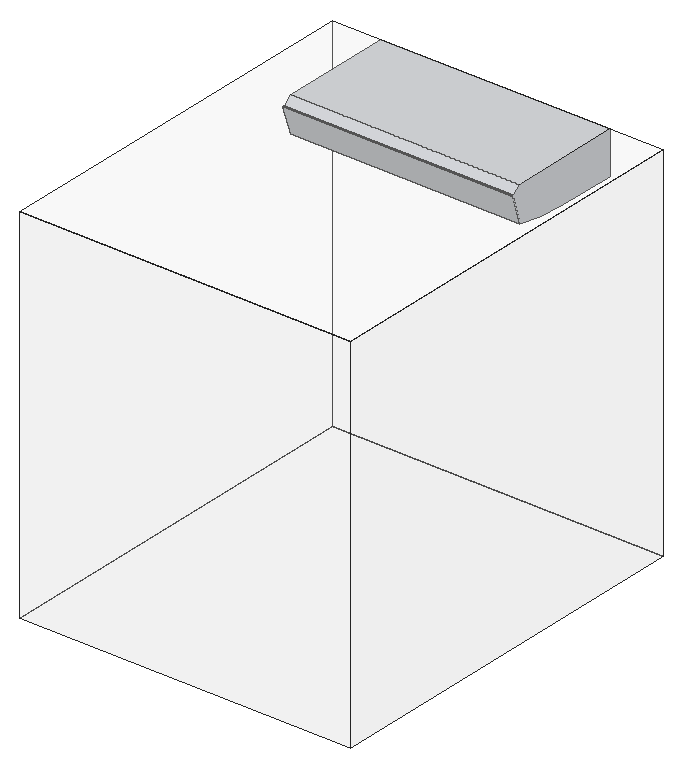
Revit family "pc-rp40_160kal22_60hz", category 機械設備, Revit 2023
Family settings
  丸型コネクタ寸法 = 直径を使用
  パーツ タイプ = 標準
  OmniClass 番号 = 23.75.10.24.21.27.27
  OmniClass タイトル = Split System Air Conditioning Units
  作業面ベース = いいえ
  常に垂直 = はい
  ロード時にボイドで切り取り = いいえ
  注釈の向きを維持 = いいえ
  共有 = いいえ
  部屋計算ポイント = はい
Parameters (values of type "PC-RP71KAL22")
  風量_静 (㎥/min) = 13
  風量_弱 (㎥/min) = 16
  風量_中 (㎥/min) = 18
  風量_強 (㎥/min) = 20
  風量 = MAX風量  # 1200.0 m³/h
  音響パワーレベル_静 (dB) = 50
  音響パワーレベル_弱 (dB) = 53
  音響パワーレベル_中 (dB) = 55
  音響パワーレベル(dB) = [音響パワーレベル_強 (dB)]  # 57
  音響パワーレベル_強 (dB) = 57
  電源種別 = ""
  電源_H = 0 mm
  電圧 = 0 V
  電動機出力_送風機 = 0.095 kW
  運転質量 = 0.00 kg
  連動 = ""
  質量 = if(製品質量 > 運転質量, 製品質量, 運転質量) * 1.2  # 38.40 kg
  負荷分類 = 3_ファン類
  説明 = "店舗・事務所用パッケージエアコン(Mr.SLIM) [本体] 天吊形室内機"
  設計暖房能力 = 0.00 kW
  設計冷房能力_顕熱 = 0 kW
  設計冷房能力 = 0 kW
  設置方法 = "天井吊（露出）形"
  記号 = ""
  製造元 = "三菱電機株式会社"
  製品質量 = 32.00 kg
  製品出荷対象 = "国内"
  製品リリース年月 = "2026/5/11"
  製品グループ = ""
  背面_液管接続口 = 180 mm
  背面_ドレン管接続口 = 233 mm
  背面_ガス管接続口 = 200 mm
  系統 = ""
  符号 = "ACP-CR"
  積算_科目 = "1 空気調和設備"
  積算_拾い区分 [instance] = ""
  盤記号 = ""
  発停方法 = "別売リモコン"
  特殊仕様 = ""
  点検口離隔 [instance] = if(点検口離隔入力値 > 200 mm, 200 mm, if(点検口離隔入力値 < 150 mm, 150 mm, 点検口離隔入力値))  # 150 mm
  点検口離隔入力値 [instance] = 0 mm
  点検口設置範囲 = 0 mm
  点検口 = yes
  火災停止 = ""
  消費電力_暖房 = 0.09 kW
  消費電力_冷房 = 0.10 kW
  消費電力 = if(消費電力_冷房 > 消費電力_暖房, 消費電力_冷房, 消費電力_暖房)  # 0.10 kW
  法定耐用年数 = "6"
  極数 = 3
  材質 = ""
  本体マテリアル = none
  有効加湿量 = 0
  暖房能力 = 7.10 kW
  既定の高さ = 0 mm
  形式_加湿器 = ""
  形式 = "天井吊（露出）形"
  幹線記号 = ""
  始動方式 = "インバータ"
  呼称 = "パッケージ形空気調和機_室内機"
  周波数 = 60 Hz
  吊り位置Y = 320 mm
  吊り位置X = 1237 mm
  吊りボルト_H = 50 mm
  台数_手元リモコン = ""
  台数_冷媒分岐ユニット = ""
  参照している仕様書等のバージョン = "公共建築物標準仕様書（機械設備工事編）平成31年度版"
  加湿給水管径 = 0 mm
  分類コード = "50053003123090"
  分類グループ = "設備"
  冷房能力 = 6.3 kW
  冷媒高低圧ガス管径 = 0 mm
  冷媒管径符号 = "Bd"
  冷媒管径 = 100 mm
  冷媒液管高さ = 126 mm
  冷媒液管径 = 9.52 mm
  冷媒ガス管高さ = 126 mm
  冷媒ガス管径 = 15.88 mm
  価格 = 0
  企業コード = "108420"
  付属品_フィルター = ""
  付属品 = ""
  モデル = "PC-RP71KAL22"
  パネルマテリアル = none
  ドレン管高さ = 190 mm
  ドレン管径 (外径) = 26 mm
  ドレン管径 = 20 mm
  サービススペース = yes
  コメント [instance] = ""
  【値が 0 の項目は組合せ形名にてご確認ください】 = ""
  Width = 1280 mm
  Version = ""
  Uniclass2015Version = "Systems v1.9"
  Uniclass2015Title = "Split coil remote air cooled condensing units"
  Uniclass2015Code = "Pr_70_65_03_84"
  URL = "https://www.mitsubishielectric.co.jp/ldg/wink/qr/002/364749"
  SpecificationReference = ""
  SpecificationDescription = ""
  Revision = ""
  ProductInformation = ""
  OmniClassCode = "23-33 17 13 11"
  MIN風量 = [風量_静 (㎥/min)] * 60.0 m³/h  # 780.0 m³/h
  MID風量2 = [風量_弱 (㎥/min)] * 60.0 m³/h  # 960.0 m³/h
  MID風量 = [風量_中 (㎥/min)] * 60.0 m³/h  # 1080.0 m³/h
  MAX風量 = [風量_強 (㎥/min)] * 60.0 m³/h  # 1200.0 m³/h
  IfcTypeProduct = ""
  IfcProduct = ""
  IfcExportType = "AIRCONDITIONINGUNIT"
  IfcExportAs = "IfcUnitaryEquipmentType"
  Height_本体 = 230 mm
  Height = Height_本体 + 6 mm  # 236 mm
  Depth = 680 mm
  Clearance Top = 1 mm
  Clearance Right = 300 mm
  Clearance Left = 270 mm
  Clearance Front = 1500 mm
  Clearance Bottom = 1800 mm
  Clearance Back = 0 mm
  BLCJ仕様バージョン = "2.0"
  Author = "三菱電機株式会社"
Types (20, lengths in mm): name | 風量_静 (㎥/min) | 風量_弱 (㎥/min) | 風量_中 (㎥/min) | 風量_強 (㎥/min) | 風量 | 音響パワーレベル_静 (dB) | 音響パワーレベル_弱 (dB) | 音響パワーレベル_中 (dB) | 音響パワーレベル(dB) | 音響パワーレベル_強 (dB) | 電動機出力_送風機 | 質量 | 製品質量 | 背面_液管接続口 | 背面_ガス管接続口 | 消費電力_暖房 | 消費電力_冷房 | 消費電力 | 暖房能力 | 吊り位置X | 冷房能力 | 冷媒管径符号 | 冷媒液管径 | 冷媒ガス管径 | モデル | Width | URL | MIN風量 | MID風量2 | MID風量 | MAX風量
  PC-RP56KAL22 | 10 | 11 | 12 | 13 | 780.0 m³/h | 48 | 50 | 53 | 55 | 55 | 0.09 kW | 30.00 kg | 25.00 kg | 184 | 203 | 0.05 kW | 0.06 kW | 0.06 kW | 5.60 kW | 917 | 5 kW | "Ac" | 6.35 | 12.7 | "PC-RP56KAL22" | 960 | "https://www.mitsubishielectric.co.jp/ldg/wink/qr/002/364747" | 600.0 m³/h | 660.0 m³/h | 720.0 m³/h | 780.0 m³/h
  PC-RP71KAL22 | 13 | 16 | 18 | 20 | 1200.0 m³/h | 50 | 53 | 55 | 57 | 57 | 0.095 kW | 38.40 kg | 32.00 kg | 180 | 200 | 0.09 kW | 0.10 kW | 0.10 kW | 7.10 kW | 1237 | 6.3 kW | "Bd" | 9.52 | 15.88 | "PC-RP71KAL22" | 1280 | "https://www.mitsubishielectric.co.jp/ldg/wink/qr/002/364749" | 780.0 m³/h | 960.0 m³/h | 1080.0 m³/h | 1200.0 m³/h
  PC-RP80KAL22 | 13 | 16 | 18 | 20 | 1200.0 m³/h | 50 | 53 | 55 | 57 | 57 | 0.095 kW | 38.40 kg | 32.00 kg | 180 | 200 | 0.09 kW | 0.10 kW | 0.10 kW | 8.00 kW | 1237 | 7.1 kW | "Bd" | 9.52 | 15.88 | "PC-RP80KAL22" | 1280 | "https://www.mitsubishielectric.co.jp/ldg/wink/qr/002/364703" | 780.0 m³/h | 960.0 m³/h | 1080.0 m³/h | 1200.0 m³/h
  PC-RP112KAL22 | 20 | 22 | 26 | 29 | 1740.0 m³/h | 54 | 56 | 59 | 62 | 62 | 0.16 kW | 45.60 kg | 38.00 kg | 180 | 200 | 0.11 kW | 0.12 kW | 0.12 kW | 11.20 kW | 1557 | 10 kW | "Bd" | 9.52 | 15.88 | "PC-RP112KAL22" | 1600 | "https://www.mitsubishielectric.co.jp/ldg/wink/qr/002/364750" | 1200.0 m³/h | 1320.0 m³/h | 1560.0 m³/h | 1740.0 m³/h
  PC-RP140KAL22 | 21 | 24 | 27 | 31 | 1860.0 m³/h | 56 | 58 | 61 | 63 | 63 | 0.16 kW | 45.60 kg | 38.00 kg | 180 | 200 | 0.13 kW | 0.14 kW | 0.14 kW | 14.00 kW | 1557 | 12.5 kW | "Bd" | 9.52 | 15.88 | "PC-RP140KAL22" | 1600 | "https://www.mitsubishielectric.co.jp/ldg/wink/qr/002/364751" | 1260.0 m³/h | 1440.0 m³/h | 1620.0 m³/h | 1860.0 m³/h
  PC-RP160KAL22 | 22 | 25 | 28 | 33 | 1980.0 m³/h | 58 | 60 | 62 | 65 | 65 | 0.16 kW | 45.60 kg | 38.00 kg | 180 | 200 | 0.16 kW | 0.17 kW | 0.17 kW | 16.00 kW | 1557 | 14 kW | "Bd" | 9.52 | 15.88 | "PC-RP160KAL22" | 1600 | "https://www.mitsubishielectric.co.jp/ldg/wink/qr/002/364752" | 1320.0 m³/h | 1500.0 m³/h | 1680.0 m³/h | 1980.0 m³/h
  PC-RP63KAL22 | 12 | 14 | 15 | 17 | 1020.0 m³/h | 49 | 51 | 53 | 55 | 55 | 0.095 kW | 38.40 kg | 32.00 kg | 184 | 203 | 0.06 kW | 0.07 kW | 0.07 kW | 6.30 kW | 1237 | 5.6 kW | "Ac" | 6.35 | 12.7 | "PC-RP63KAL22" | 1280 | "https://www.mitsubishielectric.co.jp/ldg/wink/qr/002/364748" | 720.0 m³/h | 840.0 m³/h | 900.0 m³/h | 1020.0 m³/h
  PC-RP40KAL22 | 9 | 10 | 11 | 13 | 780.0 m³/h | 48 | 50 | 53 | 55 | 55 | 0.09 kW | 28.80 kg | 24.00 kg | 184 | 203 | 0.04 kW | 0.05 kW | 0.05 kW | 4.00 kW | 917 | 3.6 kW | "Ac" | 6.35 | 12.7 | "PC-RP40KAL22" | 960 | "https://www.mitsubishielectric.co.jp/ldg/wink/qr/002/364744" | 540.0 m³/h | 600.0 m³/h | 660.0 m³/h | 780.0 m³/h
  PC-RP50KAL22 | 10 | 11 | 12 | 13 | 780.0 m³/h | 48 | 50 | 53 | 55 | 55 | 0.09 kW | 30.00 kg | 25.00 kg | 184 | 203 | 0.05 kW | 0.06 kW | 0.06 kW | 5.00 kW | 917 | 4.5 kW | "Ac" | 6.35 | 12.7 | "PC-RP50KAL22" | 960 | "https://www.mitsubishielectric.co.jp/ldg/wink/qr/002/364746" | 600.0 m³/h | 660.0 m³/h | 720.0 m³/h | 780.0 m³/h
  PC-RP112KA22 | 20 | 22 | 26 | 29 | 1740.0 m³/h | 54 | 56 | 59 | 62 | 62 | 0.16 kW | 45.60 kg | 38.00 kg | 180 | 200 | 0.11 kW | 0.12 kW | 0.12 kW | 11.20 kW | 1557 | 10 kW | "Bd" | 9.52 | 15.88 | "PC-RP112KA22" | 1600 | "https://www.mitsubishielectric.co.jp/ldg/wink/qr/002/364742" | 1200.0 m³/h | 1320.0 m³/h | 1560.0 m³/h | 1740.0 m³/h
  PC-RP140KA22 | 21 | 24 | 27 | 31 | 1860.0 m³/h | 56 | 58 | 61 | 63 | 63 | 0.16 kW | 45.60 kg | 38.00 kg | 180 | 200 | 0.13 kW | 0.14 kW | 0.14 kW | 14.00 kW | 1557 | 12.5 kW | "Bd" | 9.52 | 15.88 | "PC-RP140KA22" | 1600 | "https://www.mitsubishielectric.co.jp/ldg/wink/qr/002/364743" | 1260.0 m³/h | 1440.0 m³/h | 1620.0 m³/h | 1860.0 m³/h
  PC-RP160KA22 | 22 | 25 | 28 | 33 | 1980.0 m³/h | 58 | 60 | 62 | 65 | 65 | 0.16 kW | 45.60 kg | 38.00 kg | 180 | 200 | 0.16 kW | 0.17 kW | 0.17 kW | 16.00 kW | 1557 | 14 kW | "Bd" | 9.52 | 15.88 | "PC-RP160KA22" | 1600 | "https://www.mitsubishielectric.co.jp/ldg/wink/qr/002/364702" | 1320.0 m³/h | 1500.0 m³/h | 1680.0 m³/h | 1980.0 m³/h
  PC-RP40KA22 | 9 | 10 | 11 | 13 | 780.0 m³/h | 48 | 50 | 53 | 55 | 55 | 0.09 kW | 28.80 kg | 24.00 kg | 184 | 203 | 0.04 kW | 0.05 kW | 0.05 kW | 4.00 kW | 917 | 3.6 kW | "Ac" | 6.35 | 12.7 | "PC-RP40KA22" | 960 | "https://www.mitsubishielectric.co.jp/ldg/wink/qr/002/364735" | 540.0 m³/h | 600.0 m³/h | 660.0 m³/h | 780.0 m³/h
  PC-RP45KA22 | 9 | 10 | 11 | 13 | 780.0 m³/h | 48 | 50 | 53 | 55 | 55 | 0.09 kW | 28.80 kg | 24.00 kg | 184 | 203 | 0.04 kW | 0.05 kW | 0.05 kW | 4.50 kW | 917 | 4 kW | "Ac" | 6.35 | 12.7 | "PC-RP45KA22" | 960 | "https://www.mitsubishielectric.co.jp/ldg/wink/qr/002/364736" | 540.0 m³/h | 600.0 m³/h | 660.0 m³/h | 780.0 m³/h
  PC-RP50KA22 | 10 | 11 | 12 | 13 | 780.0 m³/h | 48 | 50 | 53 | 55 | 55 | 0.09 kW | 30.00 kg | 25.00 kg | 184 | 203 | 0.05 kW | 0.06 kW | 0.06 kW | 5.00 kW | 917 | 4.5 kW | "Ac" | 6.35 | 12.7 | "PC-RP50KA22" | 960 | "https://www.mitsubishielectric.co.jp/ldg/wink/qr/002/364737" | 600.0 m³/h | 660.0 m³/h | 720.0 m³/h | 780.0 m³/h
  PC-RP56KA22 | 10 | 11 | 12 | 13 | 780.0 m³/h | 48 | 50 | 53 | 55 | 55 | 0.09 kW | 30.00 kg | 25.00 kg | 184 | 203 | 0.05 kW | 0.06 kW | 0.06 kW | 5.60 kW | 917 | 5 kW | "Ac" | 6.35 | 12.7 | "PC-RP56KA22" | 960 | "https://www.mitsubishielectric.co.jp/ldg/wink/qr/002/364738" | 600.0 m³/h | 660.0 m³/h | 720.0 m³/h | 780.0 m³/h
  PC-RP63KA22 | 12 | 14 | 15 | 17 | 1020.0 m³/h | 49 | 51 | 53 | 55 | 55 | 0.095 kW | 38.40 kg | 32.00 kg | 184 | 203 | 0.06 kW | 0.07 kW | 0.07 kW | 6.30 kW | 1237 | 5.6 kW | "Ac" | 6.35 | 12.7 | "PC-RP63KA22" | 1280 | "https://www.mitsubishielectric.co.jp/ldg/wink/qr/002/364739" | 720.0 m³/h | 840.0 m³/h | 900.0 m³/h | 1020.0 m³/h
  PC-RP71KA22 | 13 | 16 | 18 | 20 | 1200.0 m³/h | 50 | 53 | 55 | 57 | 57 | 0.095 kW | 38.40 kg | 32.00 kg | 180 | 200 | 0.09 kW | 0.10 kW | 0.10 kW | 7.10 kW | 1237 | 6.3 kW | "Bd" | 9.52 | 15.88 | "PC-RP71KA22" | 1280 | "https://www.mitsubishielectric.co.jp/ldg/wink/qr/002/364740" | 780.0 m³/h | 960.0 m³/h | 1080.0 m³/h | 1200.0 m³/h
  PC-RP80KA22 | 13 | 16 | 18 | 20 | 1200.0 m³/h | 50 | 53 | 55 | 57 | 57 | 0.095 kW | 38.40 kg | 32.00 kg | 180 | 200 | 0.09 kW | 0.10 kW | 0.10 kW | 8.00 kW | 1237 | 7.1 kW | "Bd" | 9.52 | 15.88 | "PC-RP80KA22" | 1280 | "https://www.mitsubishielectric.co.jp/ldg/wink/qr/002/364741" | 780.0 m³/h | 960.0 m³/h | 1080.0 m³/h | 1200.0 m³/h
  PC-RP45KAL22 | 9 | 10 | 11 | 13 | 780.0 m³/h | 48 | 50 | 53 | 55 | 55 | 0.09 kW | 28.80 kg | 24.00 kg | 184 | 203 | 0.04 kW | 0.05 kW | 0.05 kW | 4.50 kW | 917 | 4 kW | "Ac" | 6.35 | 12.7 | "PC-RP45KAL22" | 960 | "https://www.mitsubishielectric.co.jp/ldg/wink/qr/002/364745" | 540.0 m³/h | 600.0 m³/h | 660.0 m³/h | 780.0 m³/h
Reference planes
  plane 1 "中心(正面/背面)": y = 0
  plane 2: z = 0
  plane 3 "中心(左/右)": x = 0
  plane 4: z = 236
  plane 5: y = 260
  plane 6: y = -60
  plane 7: y = 340
  plane 8: y = -340
  plane 9: x = -640
  plane 10: x = 640
  plane 11: x = -910
  plane 12: x = 940
  plane 13 "back": y = 340
  plane 14: y = -1840
  plane 15: z = 237
  plane 16: z = -1800
  plane 17: x = 554
  plane 18: x = 469
  plane 19: z = 110
  plane 20 "液管": y = 156
  plane 21: y = 336
  plane 22 "ガス管": y = 136
  plane 23 "ドレン管": y = 103
  plane 24: x = 502
  plane 25: z = 46
  plane 26: x = -565
  plane 27: x = 511.5
Forms (mm)
  Extrusion 1, solid, detail levels fine
    sketch origin (0, 156, 0) x (0, 0, -1) y (1, 0, 0)
      loop
        circle (-110, 469) r 3.175
    from 0 to 100
  Extrusion 2, solid, detail levels fine
    sketch origin (0, 136, 0) x (0, 0, -1) y (1, 0, 0)
      loop
        circle (-110, 554) r 6.35
    from 0 to 100
  Extrusion 3, solid, detail levels fine
    sketch origin (0, 103, 0) x (0, 0, -1) y (1, 0, 0)
      loop
        circle (-46, 502) r 13
    from 0 to 100
  Extrusion 4, solid, detail levels fine
    sketch origin (0, 103, 0) x (0, 0, -1) y (1, 0, 0)
      loop
        circle (-46, -565) r 13
    from 0 to 100
  Extrusion 5, solid, detail levels fine
    sketch origin (0, 136, 0) x (0, 0, -1) y (1, 0, 0)
      loop
        circle (-110, 511.5) r 50
    from 0 to 120
Dimensions and locks
  "吊り位置Y": plane 6 to plane 5
  equal spacing: plane 8, plane 1 "中心(正面/背面)", plane 7
  "Depth": plane 8 to plane 7
  equal spacing: plane 9, plane 3 "中心(左/右)", plane 10
  "Width": plane 9 to plane 10
  "Clearance Back": plane 7 to plane 13 "back"
  "Clearance Front": plane 14 to plane 8
  "Clearance Right": plane 10 to plane 12
  "Clearance Left": plane 11 to plane 9
  "Height": plane 4 to level
  locked: plane 5 to plane 7 at 80
  "Clearance Bottom": level to plane 16
  "Clearance Top": plane 15 to plane 4
  plane 10 to plane 9 = 1280 mm
  "背面_液管接続口": plane 20 "液管" to plane 21
  "背面_ガス管接続口": plane 22 "ガス管" to plane 21
  "背面_ドレン管接続口": plane 23 "ドレン管" to plane 21
  "冷媒ガス管高さ": plane 4 to plane 19
  "ドレン管高さ": plane 4 to plane 25
  plane 17 to plane 27 to plane 18 = 42.5 mm, 42.5 mm
  locked: plane 10 to plane 17 at 86
  locked: plane 17 to plane 18 at 85
  locked: plane 10 to plane 24 at 138
  locked: plane 26 to plane 9 at 75
  diameter of Extrusion 2 = 12.7 mm
  diameter of Extrusion 1 = 6.35 mm
  "ドレン管径 (外径)": diameter of Extrusion 3
  "ドレン管径 (外径)": diameter of Extrusion 4
  aligned and locked: level to plane 2
  aligned and locked: nested 2 to plane 5
  aligned and locked: plane 6 to nested 2
  aligned and locked: nested 1 to plane 11
  aligned and locked: nested 1 to plane 12
  aligned and locked: plane 14 to nested 1
  aligned and locked: plane 13 "back" to nested 1
  aligned and locked: plane 15 to nested 1
  aligned and locked: plane 1 "中心(正面/背面)" to nested 3
  aligned and locked: plane 3 "中心(左/右)" to nested 3
  aligned and locked: plane 16 to nested 1
  aligned and locked: Extrusion 1 to plane 20 "液管"
  aligned and locked: Extrusion 2 to plane 22 "ガス管"
  aligned and locked: Extrusion 3 to plane 23 "ドレン管"
  aligned and locked: Extrusion 4 to plane 23 "ドレン管"
Automatic sketch dimensions
  Extrusion 1 sketch curve to plane 18 = 0 mm
  Extrusion 1 sketch curve to plane 19 = 0 mm
  Extrusion 2 sketch curve to plane 17 = 0 mm
  Extrusion 2 sketch curve to plane 19 = 0 mm
  Extrusion 3 sketch curve to plane 24 = 0 mm
  Extrusion 3 sketch curve to plane 25 = 0 mm
  Extrusion 4 sketch curve to plane 25 = 0 mm
  Extrusion 4 sketch curve to plane 26 = 0 mm
  Extrusion 5 sketch curve to plane 19 = 0 mm
  Extrusion 5 sketch curve to plane 27 = 0 mm
  radius of Extrusion 1 sketch curve = 3.175 mm
  radius of Extrusion 2 sketch curve = 6.35 mm
  radius of Extrusion 3 sketch curve = 13 mm
  radius of Extrusion 4 sketch curve = 13 mm
  radius of Extrusion 5 sketch curve = 50 mm
Nested families
  nested 1: "サービススペース" at (15, -750, -781.5), visible <- "サービススペース", type "サービススペース", detail levels fine
    with Width 1850 mm, Height 2037 mm, Depth 2180 mm
  nested 2: "固定点" at (-458.5, -60, 0), type "固定点"
    with W 917 mm, D 320 mm
  nested 3: "PC-RP_KA_L" at (0, 0, 0), type "PC-RP_KA_L", detail levels fine
    with 吊りボルト-W 1237 mm, 幅さ 1280 mm
Connectors
  electrical at (356, 339, 206), driven by "極数", driven by "負荷分類", driven by "電圧", driven by "消費電力"
    settings: on nested 3, index 1, voltage 0 V, apparent load 100 VA, apparent load phase1 0 VA, apparent load phase2 0 VA, apparent load phase3 0 VA, power factor 1, load classification "3_ファン類", number of poles 3, system type 30, power factor state 1, is connector primary yes, connector utility no, sub classification motor no, connector description ""
  piping at (511.5, 136, 110), diameter 100, driven by "冷媒管径"
    settings: on Extrusion 5, index 2, connector inside diameter 609.6 mm, connector length 0 mm, flow factor 0, pipe flow 0.0 L/s, pressure drop 0.0 Pa, fitting loss kfactor 0, connector angle 0.00°, fixture units 0, engagement length 0 mm, angle of deflection 0.00°, flow configuration 1, flow direction 1, fitting loss method 4, system type 7, joint type 0, gender type 0, connector reference index -1, connector utility 0, adjustable connector no, is connector primary yes, connector description "冷媒管"
  piping at (502, 103, 46), diameter 20, driven by "ドレン管径"
    settings: on Extrusion 3, index 3, connector inside diameter 609.6 mm, connector length 0 mm, flow factor 0, pipe flow 0.0 L/s, pressure drop 0.0 Pa, fitting loss kfactor 0, connector angle 0.00°, fixture units 0, engagement length 0 mm, angle of deflection 0.00°, flow configuration 1, flow direction 2, fitting loss method 0, system type 16, joint type 0, gender type 0, connector reference index -1, connector utility 0, adjustable connector no, is connector primary no, connector description "ドレン管1"
  piping at (-565, 103, 46), diameter 20, driven by "ドレン管径"
    settings: on Extrusion 4, index 4, connector inside diameter 609.6 mm, connector length 0 mm, flow factor 0, pipe flow 0.0 L/s, pressure drop 0.0 Pa, fitting loss kfactor 0, connector angle 0.00°, fixture units 0, engagement length 0 mm, angle of deflection 0.00°, flow configuration 1, flow direction 2, fitting loss method 0, system type 16, joint type 0, gender type 0, connector reference index -1, connector utility 0, adjustable connector no, is connector primary no, connector description "ドレン管2"
Definition of nested family "サービススペース"
  Parameters (values of type "サービススペース")
    Default Elevation = 0 mm
    Width [instance] = 500 mm
    Height [instance] = 500 mm
    Depth [instance] = 500 mm
  Reference planes
    plane 1 "中心(正面/背面)": y = 0
    plane 2: z = 0
    plane 3 "中心(左/右)": x = 0
    plane 4: y = -250
    plane 5: x = 250
    plane 6: y = 250
    plane 7: x = -250
    plane 8: z = 250
    plane 9: z = -250
  Forms (mm)
    Extrusion 1, solid
      sketch origin (-638.939, 0, 72.39) x (1, 0, 0) y (0, 1, 0)
        loop
          line (388.939, 250) -> (388.939, -250) -> (888.939, -250) -> (888.939, 250) -> (388.939, 250)
      from -322.39 to 177.61
  Lines and regions (mm)
    symbolic lines
      curve 1: line (-250, 0, 250) -> (250, 0, 250)
      curve 2: line (-250, 0, -250) -> (-250, 0, 250)
      curve 3: line (250, 0, -250) -> (-250, 0, -250)
      curve 4: line (250, 0, 250) -> (250, 0, -250)
      curve 5: line (0, -250, 250) -> (0, 250, 250)
      curve 6: line (0, -250, -250) -> (0, -250, 250)
      curve 7: line (0, 250, -250) -> (0, -250, -250)
      curve 8: line (0, 250, 250) -> (0, 250, -250)
      curve 9: line (-250, 250, 0) -> (250, 250, 0)
      curve 10: line (-250, -250, 0) -> (-250, 250, 0)
      curve 11: line (250, -250, 0) -> (-250, -250, 0)
      curve 12: line (250, 250, 0) -> (250, -250, 0)
  Dimensions and locks
    equal spacing: plane 7, plane 3 "中心(左/右)", plane 5
    equal spacing: plane 4, plane 1 "中心(正面/背面)", plane 6
    "Depth": plane 4 to plane 6
    "Width": plane 7 to plane 5
    equal spacing: plane 8, plane 2, plane 9
    "Height": plane 8 to plane 9
    aligned and locked: plane 9 to curve 3
    aligned and locked: plane 7 to curve 2
    aligned and locked: curve 4 to plane 5
    aligned and locked: plane 5 to Extrusion 1
    aligned and locked: Extrusion 1 to plane 7
    aligned and locked: Extrusion 1 to plane 9
    aligned and locked: plane 8 to Extrusion 1
    aligned and locked: plane 9 to curve 7
  Automatic sketch dimensions
    plane 4 to Extrusion 1 sketch curve = 0 mm
    Extrusion 1 sketch curve to plane 7 = 0 mm
    Extrusion 1 sketch curve to plane 5 = 0 mm
    plane 6 to Extrusion 1 sketch curve = 0 mm
    curve 2 to plane 8 = 0 mm
    plane 4 to curve 11 = 0 mm
    curve 11 to plane 7 = 0 mm
    curve 11 to plane 5 = 0 mm
    plane 6 to curve 10 = 0 mm
    curve 7 to plane 4 = 0 mm
    curve 7 to plane 6 = 0 mm
    curve 6 to plane 8 = 0 mm
Definition of nested family "PC-RP_KA_L"
  Parameters (values of type "PC-RP_KA_L")
    配線取出口サイズ = 22 mm
    配線取出口-Z = 0 mm
    配線取出口-Y = 0 mm
    配線取出口-X = 0 mm
    液配管サイズ = 100 mm
    高さ = 236 mm
    Default Elevation = 0 mm
    奥行き = 680 mm
    吊りボルト_H = 50 mm
    冷媒配管サイズ = 9.52 mm
    冷媒液管径-Z = 0 mm
    冷媒液管径-Y = 0 mm
    冷媒液管径-X = 0 mm
    冷媒ガス管径-Z = 0 mm
    冷媒ガス管径-Y = 0 mm
    冷媒ガス管径-X = 0 mm
    吊りボルト-W = 1557 mm
    マテリアル = none
    ドレン配管サイズ = 26 mm
    ドレン管径-Z = 0 mm
    ドレン管径-Y = 0 mm
    ドレン管径-X = 0 mm
    ガス配管サイズ = 15.88 mm
    吊りボルト-D = 320 mm
    幅さ = 1600 mm
  Reference planes
    plane 1 "中心(正面/背面)": y = 0
    plane 2: z = 0
    plane 3 "中心(左/右)": x = 0
    plane 4: z = 236
    plane 5: x = -800
    plane 6: x = 800
    plane 7: y = 340
    plane 8: y = -340
    plane 9: y = -289
    plane 10: y = -330
    plane 11: y = -335
    plane 12: z = 84
    plane 13: z = 172
    plane 14: z = 195
    plane 15: z = 200
    plane 16: z = 40
    plane 17: x = -746.5
    plane 18: x = 746.5
    plane 19: y = -136
    plane 20: y = -193
    plane 21: y = 86
    plane 22: z = 110
    plane 23: x = -469
    plane 24: y = 156
    plane 25: y = 137
    plane 26: y = 94
    plane 27: x = -478
    plane 28: z = 206
    plane 29: x = 516
    plane 30: x = 478
    plane 31: y = 140
  Forms (mm)
    Extrusion 1, solid, material <- "マテリアル"
      sketch origin (800, 1296.25, 1200) x (0, 1, 0) y (0, 0, 1)
        loop
          line (-1585.25, -964) -> (-1626.25, -1000) -> (-1631.25, -1000) -> (-1636.25, -1005) -> (-1585.25, -1160)
          arc (-1585.25, -1160) -> (-1442.128, -1189.953) -> (-1296.25, -1200) r 1064.013
          line (-1296.25, -1200) -> (-956.25, -1200) -> (-956.25, -964) -> (-1585.25, -964)
      from -1600 to 0
    Extrusion 2, solid, material <- "マテリアル"
      sketch origin (674, 0, 0) x (1, 0, 0) y (0, 0, 1)
        loop
          circle (-158, 206) r 11
      from -339 to -340
    Extrusion 3, solid, material <- "マテリアル"
      sketch origin (636, 0, 0) x (1, 0, 0) y (0, 0, 1)
        loop
          circle (-158, 206) r 11
      from -339 to -340
    Extrusion 4, solid, material <- "マテリアル"
      sketch origin (674, 0, -169) x (1, 0, 0) y (0, 0, 1)
        loop
          circle (-158, 206) r 11
      from -339 to -340
    Extrusion 5, solid, material <- "マテリアル"
      sketch origin (636, 0, -169) x (1, 0, 0) y (0, 0, 1)
        loop
          circle (-158, 206) r 11
      from -339 to -340
  Lines and regions (mm)
    model lines
      curve 1: line (746.5, -303.59, 84.341) -> (746.5, -332.355, 171.766)
      curve 2: line (746.5, -332.355, 171.766) -> (-746.5, -332.355, 171.766)
      curve 3: line (-746.5, -303.59, 84.341) -> (746.5, -303.59, 84.341)
      curve 4: line (-746.5, -332.355, 171.766) -> (-746.5, -303.59, 84.341)
      curve 5: line (-746.5, 310, 0) -> (-746.5, 86, 0)
      curve 6: line (746.5, 310, 0) -> (746.5, 86, 0)
      curve 7: line (746.5, 310, 0) -> (-746.5, 310, 0)
      curve 8: line (746.5, 86, 0) -> (-746.5, 86, 0)
      curve 9: line (746.5, 294, 0) -> (-746.5, 294, 0)
      curve 10: line (746.5, 278, 0) -> (-746.5, 278, 0)
      curve 11: line (746.5, 262, 0) -> (-746.5, 262, 0)
      curve 12: line (746.5, 246, 0) -> (-746.5, 246, 0)
      curve 13: line (746.5, 230, 0) -> (-746.5, 230, 0)
      curve 14: line (746.5, 214, 0) -> (-746.5, 214, 0)
      curve 15: line (746.5, 198, 0) -> (-746.5, 198, 0)
      curve 16: line (746.5, 182, 0) -> (-746.5, 182, 0)
      curve 17: line (746.5, 166, 0) -> (-746.5, 166, 0)
      curve 18: line (746.5, 150, 0) -> (-746.5, 150, 0)
      curve 19: line (746.5, 134, 0) -> (-746.5, 134, 0)
      curve 20: line (746.5, 118, 0) -> (-746.5, 118, 0)
      curve 21: line (746.5, 102, 0) -> (-746.5, 102, 0)
  Dimensions and locks
    equal spacing: plane 8, plane 1 "中心(正面/背面)", plane 7
    "奥行き": plane 8 to plane 7
    equal spacing: plane 5, plane 3 "中心(左/右)", plane 6
    "幅さ": plane 5 to plane 6
    "高さ": plane 4 to level
    locked: plane 8 to plane 11 at 5
    locked: plane 8 to plane 10 at 10
    locked: plane 8 to plane 9 at 51
    locked: plane 12 to level at 84
    locked: plane 14 to level at 195
    locked: plane 15 to level at 200
    locked: plane 16 to level at 40
    plane 17 to plane 18 = 1493 mm
    locked: plane 5 to plane 17 at 53.5
    locked: plane 18 to plane 6 at 53.5
    locked: plane 13 to plane 12 at 88
    locked: plane 20 to plane 19 at 57
    locked: plane 19 to plane 7 at 476
    locked: plane 21 to plane 7 at 254
    locked: plane 4 to plane 22 at 126
    locked: plane 26 to plane 7 at 246
    locked: plane 24 to plane 7 at 184
    locked: plane 25 to plane 7 at 203
    locked: plane 5 to plane 27 at 322
    locked: plane 4 to plane 28 at 30
    plane 6 to plane 29 = 284 mm
    plane 29 to plane 30 = 38 mm
    "配線取出口サイズ": diameter of Extrusion 2 sketch curve
    "配線取出口サイズ": diameter of Extrusion 3 sketch curve
    "配線取出口サイズ": diameter of Extrusion 4 sketch curve
    "配線取出口サイズ": diameter of Extrusion 5 sketch curve
    aligned and locked: level to plane 2
    aligned and locked: Extrusion 1 sketch curve to plane 4
    aligned and locked: Extrusion 1 sketch curve to plane 7
    aligned and locked: Extrusion 1 sketch curve to level
    aligned and locked: plane 15 to Extrusion 1 sketch curve
    aligned and locked: plane 14 to Extrusion 1 sketch curve
    aligned and locked: plane 16 to Extrusion 1 sketch curve
    aligned and locked: Extrusion 1 to plane 5
    aligned and locked: plane 6 to Extrusion 1
    aligned and locked: curve 4 to plane 17
    aligned and locked: plane 18 to curve 1
    aligned and locked: curve 5 to plane 17
    aligned and locked: curve 6 to plane 18
    aligned and locked: curve 8 to plane 21
    aligned and locked: plane 28 to Extrusion 2 sketch curve
    aligned and locked: plane 7 to Extrusion 2
  Automatic sketch dimensions
    plane 7 to curve 7 = 30 mm
    curve 21 to plane 26 = 8 mm
    curve 21 to curve 20 = 16 mm
    plane 25 to curve 19 = 3 mm
    plane 24 to curve 18 = 6 mm
    curve 17 to plane 24 = 10 mm
    curve 17 to curve 16 = 16 mm
    curve 16 to curve 15 = 16 mm
    curve 15 to curve 14 = 16 mm
    curve 14 to curve 13 = 16 mm
    curve 13 to curve 12 = 16 mm
    curve 12 to curve 11 = 16 mm
    curve 11 to curve 10 = 16 mm
    curve 10 to curve 9 = 16 mm
    Extrusion 1 sketch curve to plane 8 = 0 mm
    Extrusion 1 sketch curve to plane 11 = 0 mm
    Extrusion 1 sketch curve to plane 10 = 0 mm
    Extrusion 1 sketch curve to plane 9 = 0 mm  (x2)
    Extrusion 1 sketch curve to plane 1 "中心(正面/背面)" = 0 mm
    Extrusion 1 to curve 1 = 24.459 mm
    curve 3 to Extrusion 1 = 46.68 mm
    Extrusion 1 to curve 4 = 53.5 mm
    Extrusion 1 to curve 3 = 53.5 mm
    Extrusion 2 sketch curve to plane 29 = 0 mm
    Extrusion 3 sketch curve to plane 28 = 0 mm
    Extrusion 3 sketch curve to plane 30 = 0 mm
    Extrusion 4 sketch curve to plane 29 = 0 mm
    Extrusion 4 sketch curve to plane 16 = 3 mm
    Extrusion 5 sketch curve to plane 30 = 0 mm
    Extrusion 5 sketch curve to plane 16 = 3 mm
Definition of nested family "固定点"
  Parameters (values of type "固定点")
    Default Elevation = 0 mm
    中心円 = 20 mm
    W [instance] = 1000 mm
    D [instance] = 1000 mm
  Reference planes
    plane 1 "中心(正面/背面)": y = 0
    plane 2: z = 0
    plane 3 "中心(左/右)": x = 0
    plane 4: x = 1000
    plane 5: y = 1000
  Lines and regions (mm)
    symbolic lines, detail levels fine
      curve 1: circle (0, 1000, 0) r 10 normal (0, 0, 1)
      curve 2: circle (0, 0, 0) r 10 normal (0, 0, 1)
      curve 3: circle (1000, 1000, 0) r 10 normal (0, 0, 1)
      curve 4: circle (1000, 0, 0) r 10 normal (0, 0, 1)
      curve 5: line (-200, 1000, 0) -> (1200, 1000, 0)
      curve 6: line (-200, 0, 0) -> (1200, 0, 0)
      curve 7: line (0, 1200, 0) -> (0, -200, 0)
      curve 8: line (1000, 1200, 0) -> (1000, -200, 0)
  Dimensions and locks
    "W": plane 3 "中心(左/右)" to plane 4
    "D": plane 1 "中心(正面/背面)" to plane 5
    "中心円": diameter of curve 1
    "中心円": diameter of curve 2
    "中心円": diameter of curve 3
    "中心円": diameter of curve 4
    aligned and locked: level to plane 2
    aligned and locked: plane 5 to curve 1
    aligned and locked: plane 3 "中心(左/右)" to curve 1
    aligned and locked: plane 3 "中心(左/右)" to curve 2
    aligned and locked: plane 1 "中心(正面/背面)" to curve 2
    aligned and locked: plane 4 to curve 3
    aligned and locked: plane 5 to curve 3
    aligned and locked: plane 1 "中心(正面/背面)" to curve 4
    aligned and locked: plane 4 to curve 4
    aligned and locked: plane 1 "中心(正面/背面)" to curve 6
    aligned and locked: curve 7 to plane 3 "中心(左/右)"
    aligned and locked: curve 8 to plane 4
  Automatic sketch dimensions
    curve 5 to plane 5 = 0 mm
    curve 6 to plane 3 "中心(左/右)" = 200 mm
    curve 5 to plane 3 "中心(左/右)" = 200 mm
    curve 4 to curve 6 = 200 mm
    curve 3 to curve 5 = 200 mm
    plane 1 "中心(正面/背面)" to curve 8 = 200 mm
    plane 1 "中心(正面/背面)" to curve 7 = 200 mm
    curve 3 to curve 8 = 200 mm
    curve 1 to curve 7 = 200 mm
